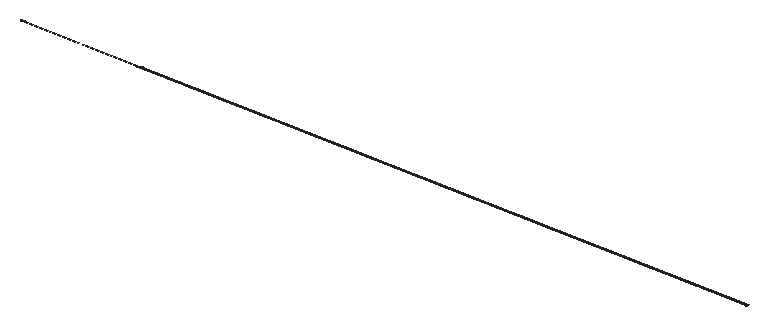
Revit family "0068176", category Lighting Fixtures, host Face, Revit 2017 (continued)
Forms (mm)
  Extrusion 145, solid
    sketch origin (1898.618, 0, 0) x (1, 0, 0) y (0, 1, 0)
      loop
        line (17.4, 1.5) -> (17.4, -1.5) -> (19.5, -1.5) -> (19.5, 1.5) -> (17.4, 1.5)
      loop
        line (34, 1.5) -> (34, -1.5) -> (36.1, -1.5) -> (36.1, 1.5) -> (34, 1.5)
      loop
        line (42.3, 1.5) -> (42.3, -1.5) -> (44.4, -1.5) -> (44.4, 1.5) -> (42.3, 1.5)
    from -1.2 to -0.5
  Extrusion 146, solid
    sketch origin (1948.582, 0, 0) x (1, 0, 0) y (0, 1, 0)
      loop
        line (9.1, 1.5) -> (9.1, -1.5) -> (11.2, -1.5) -> (11.2, 1.5) -> (9.1, 1.5)
      loop
        line (17.4, 1.5) -> (17.4, -1.5) -> (19.5, -1.5) -> (19.5, 1.5) -> (17.4, 1.5)
      loop
        line (34, 1.5) -> (34, -1.5) -> (36.1, -1.5) -> (36.1, 1.5) -> (34, 1.5)
      loop
        line (42.3, 1.5) -> (42.3, -1.5) -> (44.4, -1.5) -> (44.4, 1.5) -> (42.3, 1.5)
    from -1.2 to -0.5
  Extrusion 147, solid
    sketch origin (1998.545, 0, 0) x (1, 0, 0) y (0, 1, 0)
      loop
        line (9.1, 1.5) -> (9.1, -1.5) -> (11.2, -1.5) -> (11.2, 1.5) -> (9.1, 1.5)
      loop
        line (17.4, 1.5) -> (17.4, -1.5) -> (19.5, -1.5) -> (19.5, 1.5) -> (17.4, 1.5)
      loop
        line (34, 1.5) -> (34, -1.5) -> (36.1, -1.5) -> (36.1, 1.5) -> (34, 1.5)
      loop
        line (42.3, 1.5) -> (42.3, -1.5) -> (44.4, -1.5) -> (44.4, 1.5) -> (42.3, 1.5)
    from -1.2 to -0.5
  Extrusion 148, solid
    sketch origin (2048.509, 0, 0) x (1, 0, 0) y (0, 1, 0)
      loop
        line (9.1, 1.5) -> (9.1, -1.5) -> (11.2, -1.5) -> (11.2, 1.5) -> (9.1, 1.5)
      loop
        line (17.4, 1.5) -> (17.4, -1.5) -> (19.5, -1.5) -> (19.5, 1.5) -> (17.4, 1.5)
      loop
        line (34, 1.5) -> (34, -1.5) -> (36.1, -1.5) -> (36.1, 1.5) -> (34, 1.5)
      loop
        line (42.3, 1.5) -> (42.3, -1.5) -> (44.4, -1.5) -> (44.4, 1.5) -> (42.3, 1.5)
    from -1.2 to -0.5
  Extrusion 149, solid
    sketch origin (2098.473, 0, 0) x (1, 0, 0) y (0, 1, 0)
      loop
        line (9.1, 1.5) -> (9.1, -1.5) -> (11.2, -1.5) -> (11.2, 1.5) -> (9.1, 1.5)
      loop
        line (17.4, 1.5) -> (17.4, -1.5) -> (19.5, -1.5) -> (19.5, 1.5) -> (17.4, 1.5)
      loop
        line (34, 1.5) -> (34, -1.5) -> (36.1, -1.5) -> (36.1, 1.5) -> (34, 1.5)
      loop
        line (42.3, 1.5) -> (42.3, -1.5) -> (44.4, -1.5) -> (44.4, 1.5) -> (42.3, 1.5)
    from -1.2 to -0.5
  Extrusion 150, solid
    sketch origin (2148.436, 0, 0) x (1, 0, 0) y (0, 1, 0)
      loop
        line (9.1, 1.5) -> (9.1, -1.5) -> (11.2, -1.5) -> (11.2, 1.5) -> (9.1, 1.5)
      loop
        line (17.4, 1.5) -> (17.4, -1.5) -> (19.5, -1.5) -> (19.5, 1.5) -> (17.4, 1.5)
      loop
        line (34, 1.5) -> (34, -1.5) -> (36.1, -1.5) -> (36.1, 1.5) -> (34, 1.5)
      loop
        line (42.3, 1.5) -> (42.3, -1.5) -> (44.4, -1.5) -> (44.4, 1.5) -> (42.3, 1.5)
    from -1.2 to -0.5
  Extrusion 151, solid
    sketch origin (2198.4, 0, 0) x (1, 0, 0) y (0, 1, 0)
      loop
        line (9.1, 1.5) -> (9.1, -1.5) -> (11.2, -1.5) -> (11.2, 1.5) -> (9.1, 1.5)
      loop
        line (17.4, 1.5) -> (17.4, -1.5) -> (19.5, -1.5) -> (19.5, 1.5) -> (17.4, 1.5)
      loop
        line (34, 1.5) -> (34, -1.5) -> (36.1, -1.5) -> (36.1, 1.5) -> (34, 1.5)
      loop
        line (42.3, 1.5) -> (42.3, -1.5) -> (44.4, -1.5) -> (44.4, 1.5) -> (42.3, 1.5)
    from -1.2 to -0.5
  Extrusion 152, solid
    sketch origin (2248.364, 0, 0) x (1, 0, 0) y (0, 1, 0)
      loop
        line (9.1, 1.5) -> (9.1, -1.5) -> (11.2, -1.5) -> (11.2, 1.5) -> (9.1, 1.5)
      loop
        line (17.4, 1.5) -> (17.4, -1.5) -> (19.5, -1.5) -> (19.5, 1.5) -> (17.4, 1.5)
      loop
        line (34, 1.5) -> (34, -1.5) -> (36.1, -1.5) -> (36.1, 1.5) -> (34, 1.5)
      loop
        line (42.3, 1.5) -> (42.3, -1.5) -> (44.4, -1.5) -> (44.4, 1.5) -> (42.3, 1.5)
    from -1.2 to -0.5
  Extrusion 153, solid
    sketch origin (2298.327, 0, 0) x (1, 0, 0) y (0, 1, 0)
      loop
        line (9.1, 1.5) -> (9.1, -1.5) -> (11.2, -1.5) -> (11.2, 1.5) -> (9.1, 1.5)
      loop
        line (17.4, 1.5) -> (17.4, -1.5) -> (19.5, -1.5) -> (19.5, 1.5) -> (17.4, 1.5)
      loop
        line (34, 1.5) -> (34, -1.5) -> (36.1, -1.5) -> (36.1, 1.5) -> (34, 1.5)
      loop
        line (42.3, 1.5) -> (42.3, -1.5) -> (44.4, -1.5) -> (44.4, 1.5) -> (42.3, 1.5)
    from -1.2 to -0.5
  Extrusion 154, solid
    sketch origin (2348.291, 0, 0) x (1, 0, 0) y (0, 1, 0)
      loop
        line (9.1, 1.5) -> (9.1, -1.5) -> (11.2, -1.5) -> (11.2, 1.5) -> (9.1, 1.5)
      loop
        line (17.4, 1.5) -> (17.4, -1.5) -> (19.5, -1.5) -> (19.5, 1.5) -> (17.4, 1.5)
      loop
        line (34, 1.5) -> (34, -1.5) -> (36.1, -1.5) -> (36.1, 1.5) -> (34, 1.5)
      loop
        line (42.3, 1.5) -> (42.3, -1.5) -> (44.4, -1.5) -> (44.4, 1.5) -> (42.3, 1.5)
    from -1.2 to -0.5
  Extrusion 155, solid
    sketch origin (2398.255, 0, 0) x (1, 0, 0) y (0, 1, 0)
      loop
        line (9.1, 1.5) -> (9.1, -1.5) -> (11.2, -1.5) -> (11.2, 1.5) -> (9.1, 1.5)
      loop
        line (17.4, 1.5) -> (17.4, -1.5) -> (19.5, -1.5) -> (19.5, 1.5) -> (17.4, 1.5)
      loop
        line (34, 1.5) -> (34, -1.5) -> (36.1, -1.5) -> (36.1, 1.5) -> (34, 1.5)
      loop
        line (42.3, 1.5) -> (42.3, -1.5) -> (44.4, -1.5) -> (44.4, 1.5) -> (42.3, 1.5)
    from -1.2 to -0.5
  Extrusion 156, solid
    sketch origin (2448.218, 0, 0) x (1, 0, 0) y (0, 1, 0)
      loop
        line (9.1, 1.5) -> (9.1, -1.5) -> (11.2, -1.5) -> (11.2, 1.5) -> (9.1, 1.5)
      loop
        line (17.4, 1.5) -> (17.4, -1.5) -> (19.5, -1.5) -> (19.5, 1.5) -> (17.4, 1.5)
      loop
        line (34, 1.5) -> (34, -1.5) -> (36.1, -1.5) -> (36.1, 1.5) -> (34, 1.5)
      loop
        line (42.3, 1.5) -> (42.3, -1.5) -> (44.4, -1.5) -> (44.4, 1.5) -> (42.3, 1.5)
    from -1.2 to -0.5
  Extrusion 157, solid
    sketch origin (2498.182, 0, 0) x (1, 0, 0) y (0, 1, 0)
      loop
        line (9.1, 1.5) -> (9.1, -1.5) -> (11.2, -1.5) -> (11.2, 1.5) -> (9.1, 1.5)
      loop
        line (17.4, 1.5) -> (17.4, -1.5) -> (19.5, -1.5) -> (19.5, 1.5) -> (17.4, 1.5)
      loop
        line (34, 1.5) -> (34, -1.5) -> (36.1, -1.5) -> (36.1, 1.5) -> (34, 1.5)
      loop
        line (42.3, 1.5) -> (42.3, -1.5) -> (44.4, -1.5) -> (44.4, 1.5) -> (42.3, 1.5)
    from -1.2 to -0.5
  Extrusion 158, solid
    sketch origin (2548.145, 0, 0) x (1, 0, 0) y (0, 1, 0)
      loop
        line (9.1, 1.5) -> (9.1, -1.5) -> (11.2, -1.5) -> (11.2, 1.5) -> (9.1, 1.5)
      loop
        line (17.4, 1.5) -> (17.4, -1.5) -> (19.5, -1.5) -> (19.5, 1.5) -> (17.4, 1.5)
      loop
        line (34, 1.5) -> (34, -1.5) -> (36.1, -1.5) -> (36.1, 1.5) -> (34, 1.5)
      loop
        line (42.3, 1.5) -> (42.3, -1.5) -> (44.4, -1.5) -> (44.4, 1.5) -> (42.3, 1.5)
    from -1.2 to -0.5
  Extrusion 159, solid
    sketch origin (2598.109, 0, 0) x (1, 0, 0) y (0, 1, 0)
      loop
        line (9.1, 1.5) -> (9.1, -1.5) -> (11.2, -1.5) -> (11.2, 1.5) -> (9.1, 1.5)
      loop
        line (17.4, 1.5) -> (17.4, -1.5) -> (19.5, -1.5) -> (19.5, 1.5) -> (17.4, 1.5)
      loop
        line (34, 1.5) -> (34, -1.5) -> (36.1, -1.5) -> (36.1, 1.5) -> (34, 1.5)
      loop
        line (42.3, 1.5) -> (42.3, -1.5) -> (44.4, -1.5) -> (44.4, 1.5) -> (42.3, 1.5)
    from -1.2 to -0.5
  Extrusion 160, solid
    sketch origin (2648.073, 0, 0) x (1, 0, 0) y (0, 1, 0)
      loop
        line (9.1, 1.5) -> (9.1, -1.5) -> (11.2, -1.5) -> (11.2, 1.5) -> (9.1, 1.5)
      loop
        line (17.4, 1.5) -> (17.4, -1.5) -> (19.5, -1.5) -> (19.5, 1.5) -> (17.4, 1.5)
      loop
        line (34, 1.5) -> (34, -1.5) -> (36.1, -1.5) -> (36.1, 1.5) -> (34, 1.5)
      loop
        line (42.3, 1.5) -> (42.3, -1.5) -> (44.4, -1.5) -> (44.4, 1.5) -> (42.3, 1.5)
    from -1.2 to -0.5
  Extrusion 161, solid
    sketch origin (2698.036, 0, 0) x (1, 0, 0) y (0, 1, 0)
      loop
        line (9.1, 1.5) -> (9.1, -1.5) -> (11.2, -1.5) -> (11.2, 1.5) -> (9.1, 1.5)
      loop
        line (17.4, 1.5) -> (17.4, -1.5) -> (19.5, -1.5) -> (19.5, 1.5) -> (17.4, 1.5)
      loop
        line (34, 1.5) -> (34, -1.5) -> (36.1, -1.5) -> (36.1, 1.5) -> (34, 1.5)
      loop
        line (42.3, 1.5) -> (42.3, -1.5) -> (44.4, -1.5) -> (44.4, 1.5) -> (42.3, 1.5)
    from -1.2 to -0.5
  Extrusion 162, solid
    sketch origin (2748, 0, 0) x (1, 0, 0) y (0, 1, 0)
      loop
        line (9.1, 1.5) -> (9.1, -1.5) -> (11.2, -1.5) -> (11.2, 1.5) -> (9.1, 1.5)
      loop
        line (17.4, 1.5) -> (17.4, -1.5) -> (19.5, -1.5) -> (19.5, 1.5) -> (17.4, 1.5)
      loop
        line (34, 1.5) -> (34, -1.5) -> (36.1, -1.5) -> (36.1, 1.5) -> (34, 1.5)
      loop
        line (42.3, 1.5) -> (42.3, -1.5) -> (44.4, -1.5) -> (44.4, 1.5) -> (42.3, 1.5)
    from -1.2 to -0.5
  Extrusion 163, solid
    sketch origin (2797.964, 0, 0) x (1, 0, 0) y (0, 1, 0)
      loop
        line (9.1, 1.5) -> (9.1, -1.5) -> (11.2, -1.5) -> (11.2, 1.5) -> (9.1, 1.5)
      loop
        line (17.4, 1.5) -> (17.4, -1.5) -> (19.5, -1.5) -> (19.5, 1.5) -> (17.4, 1.5)
      loop
        line (34, 1.5) -> (34, -1.5) -> (36.1, -1.5) -> (36.1, 1.5) -> (34, 1.5)
      loop
        line (42.3, 1.5) -> (42.3, -1.5) -> (44.4, -1.5) -> (44.4, 1.5) -> (42.3, 1.5)
    from -1.2 to -0.5
  Extrusion 164, solid
    sketch origin (2847.927, 0, 0) x (1, 0, 0) y (0, 1, 0)
      loop
        line (9.1, 1.5) -> (9.1, -1.5) -> (11.2, -1.5) -> (11.2, 1.5) -> (9.1, 1.5)
      loop
        line (17.4, 1.5) -> (17.4, -1.5) -> (19.5, -1.5) -> (19.5, 1.5) -> (17.4, 1.5)
      loop
        line (34, 1.5) -> (34, -1.5) -> (36.1, -1.5) -> (36.1, 1.5) -> (34, 1.5)
      loop
        line (42.3, 1.5) -> (42.3, -1.5) -> (44.4, -1.5) -> (44.4, 1.5) -> (42.3, 1.5)
    from -1.2 to -0.5
  Extrusion 165, solid
    sketch origin (2897.891, 0, 0) x (1, 0, 0) y (0, 1, 0)
      loop
        line (9.1, 1.5) -> (9.1, -1.5) -> (11.2, -1.5) -> (11.2, 1.5) -> (9.1, 1.5)
      loop
        line (17.4, 1.5) -> (17.4, -1.5) -> (19.5, -1.5) -> (19.5, 1.5) -> (17.4, 1.5)
      loop
        line (34, 1.5) -> (34, -1.5) -> (36.1, -1.5) -> (36.1, 1.5) -> (34, 1.5)
      loop
        line (42.3, 1.5) -> (42.3, -1.5) -> (44.4, -1.5) -> (44.4, 1.5) -> (42.3, 1.5)
    from -1.2 to -0.5
  Extrusion 166, solid
    sketch origin (2947.855, 0, 0) x (1, 0, 0) y (0, 1, 0)
      loop
        line (9.1, 1.5) -> (9.1, -1.5) -> (11.2, -1.5) -> (11.2, 1.5) -> (9.1, 1.5)
      loop
        line (17.4, 1.5) -> (17.4, -1.5) -> (19.5, -1.5) -> (19.5, 1.5) -> (17.4, 1.5)
      loop
        line (34, 1.5) -> (34, -1.5) -> (36.1, -1.5) -> (36.1, 1.5) -> (34, 1.5)
      loop
        line (42.3, 1.5) -> (42.3, -1.5) -> (44.4, -1.5) -> (44.4, 1.5) -> (42.3, 1.5)
    from -1.2 to -0.5
  Extrusion 167, solid
    sketch origin (2997.818, 0, 0) x (1, 0, 0) y (0, 1, 0)
      loop
        line (9.1, 1.5) -> (9.1, -1.5) -> (11.2, -1.5) -> (11.2, 1.5) -> (9.1, 1.5)
      loop
        line (17.4, 1.5) -> (17.4, -1.5) -> (19.5, -1.5) -> (19.5, 1.5) -> (17.4, 1.5)
      loop
        line (34, 1.5) -> (34, -1.5) -> (36.1, -1.5) -> (36.1, 1.5) -> (34, 1.5)
      loop
        line (42.3, 1.5) -> (42.3, -1.5) -> (44.4, -1.5) -> (44.4, 1.5) -> (42.3, 1.5)
    from -1.2 to -0.5
  Extrusion 168, solid
    sketch origin (3047.782, 0, 0) x (1, 0, 0) y (0, 1, 0)
      loop
        line (9.1, 1.5) -> (9.1, -1.5) -> (11.2, -1.5) -> (11.2, 1.5) -> (9.1, 1.5)
      loop
        line (17.4, 1.5) -> (17.4, -1.5) -> (19.5, -1.5) -> (19.5, 1.5) -> (17.4, 1.5)
      loop
        line (34, 1.5) -> (34, -1.5) -> (36.1, -1.5) -> (36.1, 1.5) -> (34, 1.5)
      loop
        line (42.3, 1.5) -> (42.3, -1.5) -> (44.4, -1.5) -> (44.4, 1.5) -> (42.3, 1.5)
    from -1.2 to -0.5
  Extrusion 169, solid
    sketch origin (3097.745, 0, 0) x (1, 0, 0) y (0, 1, 0)
      loop
        line (9.1, 1.5) -> (9.1, -1.5) -> (11.2, -1.5) -> (11.2, 1.5) -> (9.1, 1.5)
      loop
        line (17.4, 1.5) -> (17.4, -1.5) -> (19.5, -1.5) -> (19.5, 1.5) -> (17.4, 1.5)
      loop
        line (34, 1.5) -> (34, -1.5) -> (36.1, -1.5) -> (36.1, 1.5) -> (34, 1.5)
      loop
        line (42.3, 1.5) -> (42.3, -1.5) -> (44.4, -1.5) -> (44.4, 1.5) -> (42.3, 1.5)
    from -1.2 to -0.5
  Extrusion 170, solid
    sketch origin (3147.709, 0, 0) x (1, 0, 0) y (0, 1, 0)
      loop
        line (9.1, 1.5) -> (9.1, -1.5) -> (11.2, -1.5) -> (11.2, 1.5) -> (9.1, 1.5)
      loop
        line (17.4, 1.5) -> (17.4, -1.5) -> (19.5, -1.5) -> (19.5, 1.5) -> (17.4, 1.5)
      loop
        line (34, 1.5) -> (34, -1.5) -> (36.1, -1.5) -> (36.1, 1.5) -> (34, 1.5)
      loop
        line (42.3, 1.5) -> (42.3, -1.5) -> (44.4, -1.5) -> (44.4, 1.5) -> (42.3, 1.5)
    from -1.2 to -0.5
  Extrusion 171, solid
    sketch origin (3197.673, 0, 0) x (1, 0, 0) y (0, 1, 0)
      loop
        line (9.1, 1.5) -> (9.1, -1.5) -> (11.2, -1.5) -> (11.2, 1.5) -> (9.1, 1.5)
      loop
        line (17.4, 1.5) -> (17.4, -1.5) -> (19.5, -1.5) -> (19.5, 1.5) -> (17.4, 1.5)
      loop
        line (34, 1.5) -> (34, -1.5) -> (36.1, -1.5) -> (36.1, 1.5) -> (34, 1.5)
      loop
        line (42.3, 1.5) -> (42.3, -1.5) -> (44.4, -1.5) -> (44.4, 1.5) -> (42.3, 1.5)
    from -1.2 to -0.5
  Extrusion 172, solid
    sketch origin (3247.636, 0, 0) x (1, 0, 0) y (0, 1, 0)
      loop
        line (9.1, 1.5) -> (9.1, -1.5) -> (11.2, -1.5) -> (11.2, 1.5) -> (9.1, 1.5)
      loop
        line (17.4, 1.5) -> (17.4, -1.5) -> (19.5, -1.5) -> (19.5, 1.5) -> (17.4, 1.5)
      loop
        line (34, 1.5) -> (34, -1.5) -> (36.1, -1.5) -> (36.1, 1.5) -> (34, 1.5)
      loop
        line (42.3, 1.5) -> (42.3, -1.5) -> (44.4, -1.5) -> (44.4, 1.5) -> (42.3, 1.5)
    from -1.2 to -0.5
  Extrusion 173, solid
    sketch origin (3297.6, 0, 0) x (1, 0, 0) y (0, 1, 0)
      loop
        line (9.1, 1.5) -> (9.1, -1.5) -> (11.2, -1.5) -> (11.2, 1.5) -> (9.1, 1.5)
      loop
        line (17.4, 1.5) -> (17.4, -1.5) -> (19.5, -1.5) -> (19.5, 1.5) -> (17.4, 1.5)
      loop
        line (34, 1.5) -> (34, -1.5) -> (36.1, -1.5) -> (36.1, 1.5) -> (34, 1.5)
      loop
        line (42.3, 1.5) -> (42.3, -1.5) -> (44.4, -1.5) -> (44.4, 1.5) -> (42.3, 1.5)
    from -1.2 to -0.5
  Extrusion 174, solid
    sketch origin (3347.564, 0, 0) x (1, 0, 0) y (0, 1, 0)
      loop
        line (9.1, 1.5) -> (9.1, -1.5) -> (11.2, -1.5) -> (11.2, 1.5) -> (9.1, 1.5)
      loop
        line (17.4, 1.5) -> (17.4, -1.5) -> (19.5, -1.5) -> (19.5, 1.5) -> (17.4, 1.5)
      loop
        line (34, 1.5) -> (34, -1.5) -> (36.1, -1.5) -> (36.1, 1.5) -> (34, 1.5)
      loop
        line (42.3, 1.5) -> (42.3, -1.5) -> (44.4, -1.5) -> (44.4, 1.5) -> (42.3, 1.5)
    from -1.2 to -0.5
  Extrusion 175, solid
    sketch origin (3397.527, 0, 0) x (1, 0, 0) y (0, 1, 0)
      loop
        line (9.1, 1.5) -> (9.1, -1.5) -> (11.2, -1.5) -> (11.2, 1.5) -> (9.1, 1.5)
      loop
        line (17.4, 1.5) -> (17.4, -1.5) -> (19.5, -1.5) -> (19.5, 1.5) -> (17.4, 1.5)
      loop
        line (34, 1.5) -> (34, -1.5) -> (36.1, -1.5) -> (36.1, 1.5) -> (34, 1.5)
      loop
        line (42.3, 1.5) -> (42.3, -1.5) -> (44.4, -1.5) -> (44.4, 1.5) -> (42.3, 1.5)
    from -1.2 to -0.5
  Extrusion 176, solid
    sketch origin (3447.491, 0, 0) x (1, 0, 0) y (0, 1, 0)
      loop
        line (9.1, 1.5) -> (9.1, -1.5) -> (11.2, -1.5) -> (11.2, 1.5) -> (9.1, 1.5)
      loop
        line (17.4, 1.5) -> (17.4, -1.5) -> (19.5, -1.5) -> (19.5, 1.5) -> (17.4, 1.5)
      loop
        line (34, 1.5) -> (34, -1.5) -> (36.1, -1.5) -> (36.1, 1.5) -> (34, 1.5)
      loop
        line (42.3, 1.5) -> (42.3, -1.5) -> (44.4, -1.5) -> (44.4, 1.5) -> (42.3, 1.5)
    from -1.2 to -0.5
  Extrusion 177, solid
    sketch origin (3497.455, 0, 0) x (1, 0, 0) y (0, 1, 0)
      loop
        line (9.1, 1.5) -> (9.1, -1.5) -> (11.2, -1.5) -> (11.2, 1.5) -> (9.1, 1.5)
      loop
        line (17.4, 1.5) -> (17.4, -1.5) -> (19.5, -1.5) -> (19.5, 1.5) -> (17.4, 1.5)
      loop
        line (34, 1.5) -> (34, -1.5) -> (36.1, -1.5) -> (36.1, 1.5) -> (34, 1.5)
      loop
        line (42.3, 1.5) -> (42.3, -1.5) -> (44.4, -1.5) -> (44.4, 1.5) -> (42.3, 1.5)
    from -1.2 to -0.5
  Extrusion 178, solid
    sketch origin (3547.418, 0, 0) x (1, 0, 0) y (0, 1, 0)
      loop
        line (9.1, 1.5) -> (9.1, -1.5) -> (11.2, -1.5) -> (11.2, 1.5) -> (9.1, 1.5)
      loop
        line (17.4, 1.5) -> (17.4, -1.5) -> (19.5, -1.5) -> (19.5, 1.5) -> (17.4, 1.5)
      loop
        line (34, 1.5) -> (34, -1.5) -> (36.1, -1.5) -> (36.1, 1.5) -> (34, 1.5)
      loop
        line (42.3, 1.5) -> (42.3, -1.5) -> (44.4, -1.5) -> (44.4, 1.5) -> (42.3, 1.5)
    from -1.2 to -0.5
  Extrusion 179, solid
    sketch origin (3597.382, 0, 0) x (1, 0, 0) y (0, 1, 0)
      loop
        line (9.1, 1.5) -> (9.1, -1.5) -> (11.2, -1.5) -> (11.2, 1.5) -> (9.1, 1.5)
      loop
        line (17.4, 1.5) -> (17.4, -1.5) -> (19.5, -1.5) -> (19.5, 1.5) -> (17.4, 1.5)
      loop
        line (34, 1.5) -> (34, -1.5) -> (36.1, -1.5) -> (36.1, 1.5) -> (34, 1.5)
      loop
        line (42.3, 1.5) -> (42.3, -1.5) -> (44.4, -1.5) -> (44.4, 1.5) -> (42.3, 1.5)
    from -1.2 to -0.5
  Extrusion 180, solid
    sketch origin (3647.345, 0, 0) x (1, 0, 0) y (0, 1, 0)
      loop
        line (9.1, 1.5) -> (9.1, -1.5) -> (11.2, -1.5) -> (11.2, 1.5) -> (9.1, 1.5)
      loop
        line (17.4, 1.5) -> (17.4, -1.5) -> (19.5, -1.5) -> (19.5, 1.5) -> (17.4, 1.5)
      loop
        line (34, 1.5) -> (34, -1.5) -> (36.1, -1.5) -> (36.1, 1.5) -> (34, 1.5)
      loop
        line (42.3, 1.5) -> (42.3, -1.5) -> (44.4, -1.5) -> (44.4, 1.5) -> (42.3, 1.5)
    from -1.2 to -0.5
  Extrusion 181, solid
    sketch origin (3697.309, 0, 0) x (1, 0, 0) y (0, 1, 0)
      loop
        line (9.1, 1.5) -> (9.1, -1.5) -> (11.2, -1.5) -> (11.2, 1.5) -> (9.1, 1.5)
      loop
        line (17.4, 1.5) -> (17.4, -1.5) -> (19.5, -1.5) -> (19.5, 1.5) -> (17.4, 1.5)
      loop
        line (34, 1.5) -> (34, -1.5) -> (36.1, -1.5) -> (36.1, 1.5) -> (34, 1.5)
      loop
        line (42.3, 1.5) -> (42.3, -1.5) -> (44.4, -1.5) -> (44.4, 1.5) -> (42.3, 1.5)
    from -1.2 to -0.5
  Extrusion 182, solid
    sketch origin (3747.273, 0, 0) x (1, 0, 0) y (0, 1, 0)
      loop
        line (9.1, 1.5) -> (9.1, -1.5) -> (11.2, -1.5) -> (11.2, 1.5) -> (9.1, 1.5)
      loop
        line (17.4, 1.5) -> (17.4, -1.5) -> (19.5, -1.5) -> (19.5, 1.5) -> (17.4, 1.5)
      loop
        line (34, 1.5) -> (34, -1.5) -> (36.1, -1.5) -> (36.1, 1.5) -> (34, 1.5)
      loop
        line (42.3, 1.5) -> (42.3, -1.5) -> (44.4, -1.5) -> (44.4, 1.5) -> (42.3, 1.5)
    from -1.2 to -0.5
  Extrusion 183, solid
    sketch origin (3797.236, 0, 0) x (1, 0, 0) y (0, 1, 0)
      loop
        line (9.1, 1.5) -> (9.1, -1.5) -> (11.2, -1.5) -> (11.2, 1.5) -> (9.1, 1.5)
      loop
        line (17.4, 1.5) -> (17.4, -1.5) -> (19.5, -1.5) -> (19.5, 1.5) -> (17.4, 1.5)
      loop
        line (34, 1.5) -> (34, -1.5) -> (36.1, -1.5) -> (36.1, 1.5) -> (34, 1.5)
      loop
        line (42.3, 1.5) -> (42.3, -1.5) -> (44.4, -1.5) -> (44.4, 1.5) -> (42.3, 1.5)
    from -1.2 to -0.5
  Extrusion 184, solid
    sketch origin (3847.2, 0, 0) x (1, 0, 0) y (0, 1, 0)
      loop
        line (9.1, 1.5) -> (9.1, -1.5) -> (11.2, -1.5) -> (11.2, 1.5) -> (9.1, 1.5)
      loop
        line (17.4, 1.5) -> (17.4, -1.5) -> (19.5, -1.5) -> (19.5, 1.5) -> (17.4, 1.5)
      loop
        line (34, 1.5) -> (34, -1.5) -> (36.1, -1.5) -> (36.1, 1.5) -> (34, 1.5)
      loop
        line (42.3, 1.5) -> (42.3, -1.5) -> (44.4, -1.5) -> (44.4, 1.5) -> (42.3, 1.5)
    from -1.2 to -0.5
  Extrusion 185, solid
    sketch origin (3897.164, 0, 0) x (1, 0, 0) y (0, 1, 0)
      loop
        line (9.1, 1.5) -> (9.1, -1.5) -> (11.2, -1.5) -> (11.2, 1.5) -> (9.1, 1.5)
      loop
        line (17.4, 1.5) -> (17.4, -1.5) -> (19.5, -1.5) -> (19.5, 1.5) -> (17.4, 1.5)
      loop
        line (34, 1.5) -> (34, -1.5) -> (36.1, -1.5) -> (36.1, 1.5) -> (34, 1.5)
      loop
        line (42.3, 1.5) -> (42.3, -1.5) -> (44.4, -1.5) -> (44.4, 1.5) -> (42.3, 1.5)
    from -1.2 to -0.5
  Extrusion 186, solid
    sketch origin (3947.127, 0, 0) x (1, 0, 0) y (0, 1, 0)
      loop
        line (9.1, 1.5) -> (9.1, -1.5) -> (11.2, -1.5) -> (11.2, 1.5) -> (9.1, 1.5)
      loop
        line (17.4, 1.5) -> (17.4, -1.5) -> (19.5, -1.5) -> (19.5, 1.5) -> (17.4, 1.5)
      loop
        line (34, 1.5) -> (34, -1.5) -> (36.1, -1.5) -> (36.1, 1.5) -> (34, 1.5)
      loop
        line (42.3, 1.5) -> (42.3, -1.5) -> (44.4, -1.5) -> (44.4, 1.5) -> (42.3, 1.5)
    from -1.2 to -0.5
  Extrusion 187, solid
    sketch origin (3997.091, 0, 0) x (1, 0, 0) y (0, 1, 0)
      loop
        line (9.1, 1.5) -> (9.1, -1.5) -> (11.2, -1.5) -> (11.2, 1.5) -> (9.1, 1.5)
      loop
        line (17.4, 1.5) -> (17.4, -1.5) -> (19.5, -1.5) -> (19.5, 1.5) -> (17.4, 1.5)
      loop
        line (34, 1.5) -> (34, -1.5) -> (36.1, -1.5) -> (36.1, 1.5) -> (34, 1.5)
      loop
        line (42.3, 1.5) -> (42.3, -1.5) -> (44.4, -1.5) -> (44.4, 1.5) -> (42.3, 1.5)
    from -1.2 to -0.5
  Extrusion 188, solid
    sketch origin (4047.055, 0, 0) x (1, 0, 0) y (0, 1, 0)
      loop
        line (9.1, 1.5) -> (9.1, -1.5) -> (11.2, -1.5) -> (11.2, 1.5) -> (9.1, 1.5)
      loop
        line (17.4, 1.5) -> (17.4, -1.5) -> (19.5, -1.5) -> (19.5, 1.5) -> (17.4, 1.5)
      loop
        line (34, 1.5) -> (34, -1.5) -> (36.1, -1.5) -> (36.1, 1.5) -> (34, 1.5)
      loop
        line (42.3, 1.5) -> (42.3, -1.5) -> (44.4, -1.5) -> (44.4, 1.5) -> (42.3, 1.5)
    from -1.2 to -0.5
  Extrusion 189, solid
    sketch origin (4097.018, 0, 0) x (1, 0, 0) y (0, 1, 0)
      loop
        line (9.1, 1.5) -> (9.1, -1.5) -> (11.2, -1.5) -> (11.2, 1.5) -> (9.1, 1.5)
      loop
        line (17.4, 1.5) -> (17.4, -1.5) -> (19.5, -1.5) -> (19.5, 1.5) -> (17.4, 1.5)
      loop
        line (34, 1.5) -> (34, -1.5) -> (36.1, -1.5) -> (36.1, 1.5) -> (34, 1.5)
      loop
        line (42.3, 1.5) -> (42.3, -1.5) -> (44.4, -1.5) -> (44.4, 1.5) -> (42.3, 1.5)
    from -1.2 to -0.5
  Extrusion 190, solid
    sketch origin (4146.982, 0, 0) x (1, 0, 0) y (0, 1, 0)
      loop
        line (9.1, 1.5) -> (9.1, -1.5) -> (11.2, -1.5) -> (11.2, 1.5) -> (9.1, 1.5)
      loop
        line (17.4, 1.5) -> (17.4, -1.5) -> (19.5, -1.5) -> (19.5, 1.5) -> (17.4, 1.5)
      loop
        line (34, 1.5) -> (34, -1.5) -> (36.1, -1.5) -> (36.1, 1.5) -> (34, 1.5)
      loop
        line (42.3, 1.5) -> (42.3, -1.5) -> (44.4, -1.5) -> (44.4, 1.5) -> (42.3, 1.5)
    from -1.2 to -0.5
  Extrusion 191, solid
    sketch origin (4196.945, 0, 0) x (1, 0, 0) y (0, 1, 0)
      loop
        line (9.1, 1.5) -> (9.1, -1.5) -> (11.2, -1.5) -> (11.2, 1.5) -> (9.1, 1.5)
      loop
        line (17.4, 1.5) -> (17.4, -1.5) -> (19.5, -1.5) -> (19.5, 1.5) -> (17.4, 1.5)
      loop
        line (34, 1.5) -> (34, -1.5) -> (36.1, -1.5) -> (36.1, 1.5) -> (34, 1.5)
      loop
        line (42.3, 1.5) -> (42.3, -1.5) -> (44.4, -1.5) -> (44.4, 1.5) -> (42.3, 1.5)
    from -1.2 to -0.5
  Extrusion 192, solid
    sketch origin (4246.909, 0, 0) x (1, 0, 0) y (0, 1, 0)
      loop
        line (9.1, 1.5) -> (9.1, -1.5) -> (11.2, -1.5) -> (11.2, 1.5) -> (9.1, 1.5)
      loop
        line (17.4, 1.5) -> (17.4, -1.5) -> (19.5, -1.5) -> (19.5, 1.5) -> (17.4, 1.5)
      loop
        line (34, 1.5) -> (34, -1.5) -> (36.1, -1.5) -> (36.1, 1.5) -> (34, 1.5)
      loop
        line (42.3, 1.5) -> (42.3, -1.5) -> (44.4, -1.5) -> (44.4, 1.5) -> (42.3, 1.5)
    from -1.2 to -0.5
  Extrusion 193, solid
    sketch origin (4296.873, 0, 0) x (1, 0, 0) y (0, 1, 0)
      loop
        line (9.1, 1.5) -> (9.1, -1.5) -> (11.2, -1.5) -> (11.2, 1.5) -> (9.1, 1.5)
      loop
        line (17.4, 1.5) -> (17.4, -1.5) -> (19.5, -1.5) -> (19.5, 1.5) -> (17.4, 1.5)
      loop
        line (34, 1.5) -> (34, -1.5) -> (36.1, -1.5) -> (36.1, 1.5) -> (34, 1.5)
      loop
        line (42.3, 1.5) -> (42.3, -1.5) -> (44.4, -1.5) -> (44.4, 1.5) -> (42.3, 1.5)
    from -1.2 to -0.5
  Extrusion 194, solid
    sketch origin (4346.836, 0, 0) x (1, 0, 0) y (0, 1, 0)
      loop
        line (9.1, 1.5) -> (9.1, -1.5) -> (11.2, -1.5) -> (11.2, 1.5) -> (9.1, 1.5)
      loop
        line (17.4, 1.5) -> (17.4, -1.5) -> (19.5, -1.5) -> (19.5, 1.5) -> (17.4, 1.5)
      loop
        line (34, 1.5) -> (34, -1.5) -> (36.1, -1.5) -> (36.1, 1.5) -> (34, 1.5)
      loop
        line (42.3, 1.5) -> (42.3, -1.5) -> (44.4, -1.5) -> (44.4, 1.5) -> (42.3, 1.5)
    from -1.2 to -0.5
  Extrusion 195, solid
    sketch origin (4396.8, 0, 0) x (1, 0, 0) y (0, 1, 0)
      loop
        line (9.1, 1.5) -> (9.1, -1.5) -> (11.2, -1.5) -> (11.2, 1.5) -> (9.1, 1.5)
      loop
        line (17.4, 1.5) -> (17.4, -1.5) -> (19.5, -1.5) -> (19.5, 1.5) -> (17.4, 1.5)
      loop
        line (34, 1.5) -> (34, -1.5) -> (36.1, -1.5) -> (36.1, 1.5) -> (34, 1.5)
      loop
        line (42.3, 1.5) -> (42.3, -1.5) -> (44.4, -1.5) -> (44.4, 1.5) -> (42.3, 1.5)
    from -1.2 to -0.5
  Extrusion 196, solid
    sketch origin (4446.764, 0, 0) x (1, 0, 0) y (0, 1, 0)
      loop
        line (9.1, 1.5) -> (9.1, -1.5) -> (11.2, -1.5) -> (11.2, 1.5) -> (9.1, 1.5)
      loop
        line (17.4, 1.5) -> (17.4, -1.5) -> (19.5, -1.5) -> (19.5, 1.5) -> (17.4, 1.5)
      loop
        line (34, 1.5) -> (34, -1.5) -> (36.1, -1.5) -> (36.1, 1.5) -> (34, 1.5)
      loop
        line (42.3, 1.5) -> (42.3, -1.5) -> (44.4, -1.5) -> (44.4, 1.5) -> (42.3, 1.5)
    from -1.2 to -0.5
  Extrusion 197, solid
    sketch origin (4496.727, 0, 0) x (1, 0, 0) y (0, 1, 0)
      loop
        line (9.1, 1.5) -> (9.1, -1.5) -> (11.2, -1.5) -> (11.2, 1.5) -> (9.1, 1.5)
      loop
        line (17.4, 1.5) -> (17.4, -1.5) -> (19.5, -1.5) -> (19.5, 1.5) -> (17.4, 1.5)
      loop
        line (34, 1.5) -> (34, -1.5) -> (36.1, -1.5) -> (36.1, 1.5) -> (34, 1.5)
      loop
        line (42.3, 1.5) -> (42.3, -1.5) -> (44.4, -1.5) -> (44.4, 1.5) -> (42.3, 1.5)
    from -1.2 to -0.5
  Extrusion 198, solid
    sketch origin (4546.691, 0, 0) x (1, 0, 0) y (0, 1, 0)
      loop
        line (9.1, 1.5) -> (9.1, -1.5) -> (11.2, -1.5) -> (11.2, 1.5) -> (9.1, 1.5)
      loop
        line (17.4, 1.5) -> (17.4, -1.5) -> (19.5, -1.5) -> (19.5, 1.5) -> (17.4, 1.5)
      loop
        line (34, 1.5) -> (34, -1.5) -> (36.1, -1.5) -> (36.1, 1.5) -> (34, 1.5)
      loop
        line (42.3, 1.5) -> (42.3, -1.5) -> (44.4, -1.5) -> (44.4, 1.5) -> (42.3, 1.5)
    from -1.2 to -0.5
  Extrusion 199, solid
    sketch origin (4596.655, 0, 0) x (1, 0, 0) y (0, 1, 0)
      loop
        line (9.1, 1.5) -> (9.1, -1.5) -> (11.2, -1.5) -> (11.2, 1.5) -> (9.1, 1.5)
      loop
        line (17.4, 1.5) -> (17.4, -1.5) -> (19.5, -1.5) -> (19.5, 1.5) -> (17.4, 1.5)
      loop
        line (34, 1.5) -> (34, -1.5) -> (36.1, -1.5) -> (36.1, 1.5) -> (34, 1.5)
      loop
        line (42.3, 1.5) -> (42.3, -1.5) -> (44.4, -1.5) -> (44.4, 1.5) -> (42.3, 1.5)
    from -1.2 to -0.5
  Extrusion 200, solid
    sketch origin (4646.618, 0, 0) x (1, 0, 0) y (0, 1, 0)
      loop
        line (9.1, 1.5) -> (9.1, -1.5) -> (11.2, -1.5) -> (11.2, 1.5) -> (9.1, 1.5)
      loop
        line (17.4, 1.5) -> (17.4, -1.5) -> (19.5, -1.5) -> (19.5, 1.5) -> (17.4, 1.5)
      loop
        line (34, 1.5) -> (34, -1.5) -> (36.1, -1.5) -> (36.1, 1.5) -> (34, 1.5)
      loop
        line (42.3, 1.5) -> (42.3, -1.5) -> (44.4, -1.5) -> (44.4, 1.5) -> (42.3, 1.5)
    from -1.2 to -0.5
  Extrusion 201, solid
    sketch origin (4696.582, 0, 0) x (1, 0, 0) y (0, 1, 0)
      loop
        line (9.1, 1.5) -> (9.1, -1.5) -> (11.2, -1.5) -> (11.2, 1.5) -> (9.1, 1.5)
      loop
        line (17.4, 1.5) -> (17.4, -1.5) -> (19.5, -1.5) -> (19.5, 1.5) -> (17.4, 1.5)
      loop
        line (34, 1.5) -> (34, -1.5) -> (36.1, -1.5) -> (36.1, 1.5) -> (34, 1.5)
      loop
        line (42.3, 1.5) -> (42.3, -1.5) -> (44.4, -1.5) -> (44.4, 1.5) -> (42.3, 1.5)
    from -1.2 to -0.5
  Extrusion 202, solid
    sketch origin (4746.545, 0, 0) x (1, 0, 0) y (0, 1, 0)
      loop
        line (9.1, 1.5) -> (9.1, -1.5) -> (11.2, -1.5) -> (11.2, 1.5) -> (9.1, 1.5)
      loop
        line (17.4, 1.5) -> (17.4, -1.5) -> (19.5, -1.5) -> (19.5, 1.5) -> (17.4, 1.5)
      loop
        line (34, 1.5) -> (34, -1.5) -> (36.1, -1.5) -> (36.1, 1.5) -> (34, 1.5)
      loop
        line (42.3, 1.5) -> (42.3, -1.5) -> (44.4, -1.5) -> (44.4, 1.5) -> (42.3, 1.5)
    from -1.2 to -0.5
  Extrusion 203, solid
    sketch origin (4796.509, 0, 0) x (1, 0, 0) y (0, 1, 0)
      loop
        line (9.1, 1.5) -> (9.1, -1.5) -> (11.2, -1.5) -> (11.2, 1.5) -> (9.1, 1.5)
      loop
        line (17.4, 1.5) -> (17.4, -1.5) -> (19.5, -1.5) -> (19.5, 1.5) -> (17.4, 1.5)
      loop
        line (34, 1.5) -> (34, -1.5) -> (36.1, -1.5) -> (36.1, 1.5) -> (34, 1.5)
      loop
        line (42.3, 1.5) -> (42.3, -1.5) -> (44.4, -1.5) -> (44.4, 1.5) -> (42.3, 1.5)
    from -1.2 to -0.5
  Extrusion 204, solid
    sketch origin (4846.473, 0, 0) x (1, 0, 0) y (0, 1, 0)
      loop
        line (9.1, 1.5) -> (9.1, -1.5) -> (11.2, -1.5) -> (11.2, 1.5) -> (9.1, 1.5)
      loop
        line (17.4, 1.5) -> (17.4, -1.5) -> (19.5, -1.5) -> (19.5, 1.5) -> (17.4, 1.5)
      loop
        line (34, 1.5) -> (34, -1.5) -> (36.1, -1.5) -> (36.1, 1.5) -> (34, 1.5)
      loop
        line (42.3, 1.5) -> (42.3, -1.5) -> (44.4, -1.5) -> (44.4, 1.5) -> (42.3, 1.5)
    from -1.2 to -0.5
  Extrusion 205, solid
    sketch origin (4896.436, 0, 0) x (1, 0, 0) y (0, 1, 0)
      loop
        line (9.1, 1.5) -> (9.1, -1.5) -> (11.2, -1.5) -> (11.2, 1.5) -> (9.1, 1.5)
      loop
        line (17.4, 1.5) -> (17.4, -1.5) -> (19.5, -1.5) -> (19.5, 1.5) -> (17.4, 1.5)
      loop
        line (34, 1.5) -> (34, -1.5) -> (36.1, -1.5) -> (36.1, 1.5) -> (34, 1.5)
      loop
        line (42.3, 1.5) -> (42.3, -1.5) -> (44.4, -1.5) -> (44.4, 1.5) -> (42.3, 1.5)
    from -1.2 to -0.5
Dimensions and locks
  "CABLE_LENGHT_SYL": plane 8 to plane 3 "Center (Left/Right)"
  "CABLE_FIX_SYL": plane 3 "Center (Left/Right)" to plane 7
  "LUM_WIDTH_SYL": plane 6 to plane 1 "Center (Front/Back)" to plane 5
  "CABLE_BLEND_SYL": plane 9 to plane 3 "Center (Left/Right)"
  "CABLE_END_SYL": plane 8 to plane 10
  "LUM_LENGHT_SYL": plane 3 "Center (Left/Right)" to plane 4
  "CABLE_DIST_SYL": plane 12 to plane 1 "Center (Front/Back)" to plane 11
  "CABLE_DIST2_SYL": plane 13 to plane 5
  "CABLE_DIST2_SYL": plane 6 to plane 14
  "LED_CH_S_WIDTH_SYL": plane 18 to plane 1 "Center (Front/Back)" to plane 17
  "LED_CH_L_WIDTH_SYL": plane 16 to plane 1 "Center (Front/Back)" to plane 15
  "PHOTOMETRY1_SYL": imposter light to plane 4
  "PHOTOMETRY2_SYL": imposter light to Extrusion 1
  "LED_CH_L_DIST1_SYL": plane 3 "Center (Left/Right)" to plane 19
  "LED_CH_L_DIST_SYL": plane 19 to plane 20 to plane 21 to plane 22 to plane 23 to plane 24
  "LED_CH_L_DEPTH_SYL": plane 26 to plane 19 to plane 25
  "LED_CH_L_DEPTH_SYL": plane 28 to plane 20 to plane 27
  "LED_CH_L_DEPTH_SYL": plane 30 to plane 21 to plane 29
  "LED_CH_L_DEPTH_SYL": plane 32 to plane 22 to plane 31
  "LED_CH_L_DEPTH_SYL": plane 33 to plane 23 to plane 34
  "LED_CH_L_DEPTH_SYL": plane 35 to plane 24 to plane 36
  "LED_CH_S_DEPTH1_SYL": plane 37 to plane 43
  "LED_CH_S_DEPTH1_SYL": plane 38 to plane 45
  "LED_CH_S_DEPTH1_SYL": plane 40 to plane 48
  "LED_CH_S_DEPTH1_SYL": plane 41 to plane 46
  "LED_CH_S_DEPTH2_SYL": plane 42 to plane 37
  "LED_CH_S_DEPTH2_SYL": plane 44 to plane 38
  "LED_CH_S_DEPTH2_SYL": plane 49 to plane 40
  "LED_CH_S_DEPTH2_SYL": plane 47 to plane 41
  equal spacing: group 1, group 3, group 4, group 5, group 6, group 7, group 8, group 9, group 10, group 11, group 12, group 13, group 14, group 15, group 16, group 17, group 18, group 19, group 20, group 21, group 22, group 23, group 24, group 25, group 26, group 27, group 28, group 29, group 30, group 31, group 32, group 33, group 34, group 35, group 36, group 37, group 38, group 39, group 40, group 41, group 42, group 43, group 44, group 45, group 46, group 47, group 48, group 49, group 50, group 51, group 52, group 53, group 54, group 55, group 56, group 57, group 58, group 59, group 60, group 61, group 62, group 63, group 64, group 65, group 66, group 67, group 68, group 69, group 70, group 71, group 72, group 73, group 74, group 75, group 76, group 77, group 78, group 79, group 80, group 81, group 82, group 83, group 84, group 85, group 86, group 87, group 88, group 89, group 90, group 91, group 92, group 93, group 94, group 95, group 96, group 97, group 98, group 99, group 100, group 2  (x3)
  equal spacing: group 101, group 103, group 104, group 105, group 106, group 107, group 108, group 109, group 110, group 111, group 112, group 113, group 114, group 115, group 116, group 117, group 118, group 119, group 120, group 121, group 122, group 123, group 124, group 125, group 126, group 127, group 128, group 129, group 130, group 131, group 132, group 133, group 134, group 135, group 136, group 137, group 138, group 139, group 140, group 141, group 142, group 143, group 144, group 145, group 146, group 147, group 148, group 149, group 150, group 151, group 152, group 153, group 154, group 155, group 156, group 157, group 158, group 159, group 160, group 161, group 162, group 163, group 164, group 165, group 166, group 167, group 168, group 169, group 170, group 171, group 172, group 173, group 174, group 175, group 176, group 177, group 178, group 179, group 180, group 181, group 182, group 183, group 184, group 185, group 186, group 187, group 188, group 189, group 190, group 191, group 192, group 193, group 194, group 195, group 196, group 197, group 198, group 199, group 200, group 102  (x3)
  aligned and locked: host face to plane 2
  aligned and locked: host face to level
  aligned and locked: Extrusion 1 sketch curve to plane 4
  aligned and locked: plane 3 "Center (Left/Right)" to Extrusion 1 sketch curve
  aligned and locked: Revolve 4 sketch curve to plane 11
  aligned and locked: Sweep 2 to Revolve 4 sketch curve
  aligned and locked: plane 8 to Revolve 4 sketch curve
  aligned and locked: Revolve 5 sketch curve to plane 12  (x2)
  aligned and locked: Revolve 5 sketch curve to Sweep 3
  aligned and locked: Revolve 5 sketch curve to plane 8
Automatic sketch dimensions
  plane 6 to Extrusion 1 sketch curve = 0 mm
  plane 5 to Extrusion 1 sketch curve = 0 mm
  Sweep 2 sketch curve to plane 10 = 0 mm
  Sweep 2 sketch curve to plane 9 = 0 mm
  Sweep 2 sketch curve to plane 3 "Center (Left/Right)" = 0 mm
  Sweep 2 sketch curve to plane 7 = 0 mm
  plane 11 to Sweep 2 sketch curve = 0 mm
  plane 13 to Sweep 2 sketch curve = 0 mm
  Sweep 3 sketch curve to plane 10 = 0 mm
  Sweep 3 sketch curve to plane 9 = 0 mm
  Sweep 3 sketch curve to plane 3 "Center (Left/Right)" = 0 mm
  Sweep 3 sketch curve to plane 7 = 0 mm
  plane 14 to Sweep 3 sketch curve = 0 mm
  plane 12 to Sweep 3 sketch curve = 0 mm
  level to Sweep 3 sketch curve = 0 mm
  Sweep 3 sketch curve to profile plane = 0 mm
  Sweep 2 sketch curve to level = 0 mm
  Sweep 2 sketch curve to profile plane = 0 mm
  host sketch curve to host sketch curve = 6451.645 mm
  host sketch curve to host sketch curve = 2438.4 mm
  plane 16 to Revolve 5 sketch curve = 0.723 mm
  Revolve 5 sketch curve to plane 8 = 1324 mm
  Revolve 4 sketch curve to plane 11 = 0 mm
  Revolve 4 sketch curve to plane 15 = 0.744 mm
  Revolve 4 sketch curve to plane 8 = 1324 mm
  plane 7 to Revolve 4 sketch curve = 1556.2 mm
  plane 7 to Revolve 5 sketch curve = 1556.2 mm
  Extrusion 6 sketch curve to Extrusion 6 sketch curve = 2.8 mm  (x6)
  Extrusion 6 sketch curve to Extrusion 6 sketch curve = 5.5 mm  (x5)
  Extrusion 6 sketch curve to Extrusion 6 sketch curve = 0 mm  (x5)
  Extrusion 6 sketch curve to Extrusion 6 sketch curve = 3.4 mm  (x6)
  Extrusion 8 sketch curve to Extrusion 8 sketch curve = 2.8 mm  (x6)
  Extrusion 8 sketch curve to Extrusion 8 sketch curve = 5.5 mm  (x5)
  Extrusion 8 sketch curve to Extrusion 8 sketch curve = 0 mm  (x5)
  Extrusion 8 sketch curve to Extrusion 8 sketch curve = 3.4 mm  (x6)
  Extrusion 9 sketch curve to Extrusion 9 sketch curve = 2.8 mm  (x6)
  Extrusion 9 sketch curve to Extrusion 9 sketch curve = 5.5 mm  (x5)
  Extrusion 9 sketch curve to Extrusion 9 sketch curve = 0 mm  (x5)
  Extrusion 9 sketch curve to Extrusion 9 sketch curve = 3.4 mm  (x6)
  Extrusion 10 sketch curve to Extrusion 10 sketch curve = 2.8 mm  (x6)
  Extrusion 10 sketch curve to Extrusion 10 sketch curve = 5.5 mm  (x5)
  Extrusion 10 sketch curve to Extrusion 10 sketch curve = 0 mm  (x5)
  Extrusion 10 sketch curve to Extrusion 10 sketch curve = 3.4 mm  (x6)
  Extrusion 11 sketch curve to Extrusion 11 sketch curve = 2.8 mm  (x6)
  Extrusion 11 sketch curve to Extrusion 11 sketch curve = 5.5 mm  (x5)
  Extrusion 11 sketch curve to Extrusion 11 sketch curve = 0 mm  (x5)
  Extrusion 11 sketch curve to Extrusion 11 sketch curve = 3.4 mm  (x6)
  Extrusion 12 sketch curve to Extrusion 12 sketch curve = 2.8 mm  (x6)
  Extrusion 12 sketch curve to Extrusion 12 sketch curve = 5.5 mm  (x5)
  Extrusion 12 sketch curve to Extrusion 12 sketch curve = 0 mm  (x5)
  Extrusion 12 sketch curve to Extrusion 12 sketch curve = 3.4 mm  (x6)
  Extrusion 13 sketch curve to Extrusion 13 sketch curve = 2.8 mm  (x6)
  Extrusion 13 sketch curve to Extrusion 13 sketch curve = 5.5 mm  (x5)
  Extrusion 13 sketch curve to Extrusion 13 sketch curve = 0 mm  (x5)
  Extrusion 13 sketch curve to Extrusion 13 sketch curve = 3.4 mm  (x6)
  Extrusion 14 sketch curve to Extrusion 14 sketch curve = 2.8 mm  (x6)
  Extrusion 14 sketch curve to Extrusion 14 sketch curve = 5.5 mm  (x5)
  Extrusion 14 sketch curve to Extrusion 14 sketch curve = 0 mm  (x5)
  Extrusion 14 sketch curve to Extrusion 14 sketch curve = 3.4 mm  (x6)
  Extrusion 15 sketch curve to Extrusion 15 sketch curve = 2.8 mm  (x6)
  Extrusion 15 sketch curve to Extrusion 15 sketch curve = 5.5 mm  (x5)
  Extrusion 15 sketch curve to Extrusion 15 sketch curve = 0 mm  (x5)
  Extrusion 15 sketch curve to Extrusion 15 sketch curve = 3.4 mm  (x6)
  Extrusion 16 sketch curve to Extrusion 16 sketch curve = 2.8 mm  (x6)
  Extrusion 16 sketch curve to Extrusion 16 sketch curve = 5.5 mm  (x5)
  Extrusion 16 sketch curve to Extrusion 16 sketch curve = 0 mm  (x5)
  Extrusion 16 sketch curve to Extrusion 16 sketch curve = 3.4 mm  (x6)
  Extrusion 17 sketch curve to Extrusion 17 sketch curve = 2.8 mm  (x6)
  Extrusion 17 sketch curve to Extrusion 17 sketch curve = 5.5 mm  (x5)
  Extrusion 17 sketch curve to Extrusion 17 sketch curve = 0 mm  (x5)
  Extrusion 17 sketch curve to Extrusion 17 sketch curve = 3.4 mm  (x6)
  Extrusion 18 sketch curve to Extrusion 18 sketch curve = 2.8 mm  (x6)
  Extrusion 18 sketch curve to Extrusion 18 sketch curve = 5.5 mm  (x5)
  Extrusion 18 sketch curve to Extrusion 18 sketch curve = 0 mm  (x5)
  Extrusion 18 sketch curve to Extrusion 18 sketch curve = 3.4 mm  (x6)
  Extrusion 19 sketch curve to Extrusion 19 sketch curve = 2.8 mm  (x6)
  Extrusion 19 sketch curve to Extrusion 19 sketch curve = 5.5 mm  (x5)
  Extrusion 19 sketch curve to Extrusion 19 sketch curve = 0 mm  (x5)
  Extrusion 19 sketch curve to Extrusion 19 sketch curve = 3.4 mm  (x6)
  Extrusion 20 sketch curve to Extrusion 20 sketch curve = 2.8 mm  (x6)
  Extrusion 20 sketch curve to Extrusion 20 sketch curve = 5.5 mm  (x5)
  Extrusion 20 sketch curve to Extrusion 20 sketch curve = 0 mm  (x5)
  Extrusion 20 sketch curve to Extrusion 20 sketch curve = 3.4 mm  (x6)
  Extrusion 21 sketch curve to Extrusion 21 sketch curve = 2.8 mm  (x6)
  Extrusion 21 sketch curve to Extrusion 21 sketch curve = 5.5 mm  (x5)
  Extrusion 21 sketch curve to Extrusion 21 sketch curve = 0 mm  (x5)
  Extrusion 21 sketch curve to Extrusion 21 sketch curve = 3.4 mm  (x6)
  Extrusion 22 sketch curve to Extrusion 22 sketch curve = 2.8 mm  (x6)
  Extrusion 22 sketch curve to Extrusion 22 sketch curve = 5.5 mm  (x5)
  Extrusion 22 sketch curve to Extrusion 22 sketch curve = 0 mm  (x5)
  Extrusion 22 sketch curve to Extrusion 22 sketch curve = 3.4 mm  (x6)
  Extrusion 23 sketch curve to Extrusion 23 sketch curve = 2.8 mm  (x6)
  Extrusion 23 sketch curve to Extrusion 23 sketch curve = 5.5 mm  (x5)
  Extrusion 23 sketch curve to Extrusion 23 sketch curve = 0 mm  (x5)
  Extrusion 23 sketch curve to Extrusion 23 sketch curve = 3.4 mm  (x6)
  Extrusion 24 sketch curve to Extrusion 24 sketch curve = 2.8 mm  (x6)
  Extrusion 24 sketch curve to Extrusion 24 sketch curve = 5.5 mm  (x5)
  Extrusion 24 sketch curve to Extrusion 24 sketch curve = 0 mm  (x5)
  Extrusion 24 sketch curve to Extrusion 24 sketch curve = 3.4 mm  (x6)
  Extrusion 25 sketch curve to Extrusion 25 sketch curve = 2.8 mm  (x6)
  Extrusion 25 sketch curve to Extrusion 25 sketch curve = 5.5 mm  (x5)
  Extrusion 25 sketch curve to Extrusion 25 sketch curve = 0 mm  (x5)
  Extrusion 25 sketch curve to Extrusion 25 sketch curve = 3.4 mm  (x6)
  Extrusion 26 sketch curve to Extrusion 26 sketch curve = 2.8 mm  (x6)
  Extrusion 26 sketch curve to Extrusion 26 sketch curve = 5.5 mm  (x5)
  Extrusion 26 sketch curve to Extrusion 26 sketch curve = 0 mm  (x5)
  Extrusion 26 sketch curve to Extrusion 26 sketch curve = 3.4 mm  (x6)
  Extrusion 27 sketch curve to Extrusion 27 sketch curve = 2.8 mm  (x6)
  Extrusion 27 sketch curve to Extrusion 27 sketch curve = 5.5 mm  (x5)
  Extrusion 27 sketch curve to Extrusion 27 sketch curve = 0 mm  (x5)
  Extrusion 27 sketch curve to Extrusion 27 sketch curve = 3.4 mm  (x6)
  Extrusion 28 sketch curve to Extrusion 28 sketch curve = 2.8 mm  (x6)
  Extrusion 28 sketch curve to Extrusion 28 sketch curve = 5.5 mm  (x5)
  Extrusion 28 sketch curve to Extrusion 28 sketch curve = 0 mm  (x5)
  Extrusion 28 sketch curve to Extrusion 28 sketch curve = 3.4 mm  (x6)
  Extrusion 29 sketch curve to Extrusion 29 sketch curve = 2.8 mm  (x6)
  Extrusion 29 sketch curve to Extrusion 29 sketch curve = 5.5 mm  (x5)
  Extrusion 29 sketch curve to Extrusion 29 sketch curve = 0 mm  (x5)
  Extrusion 29 sketch curve to Extrusion 29 sketch curve = 3.4 mm  (x6)
  Extrusion 30 sketch curve to Extrusion 30 sketch curve = 2.8 mm  (x6)
  Extrusion 30 sketch curve to Extrusion 30 sketch curve = 5.5 mm  (x5)
  Extrusion 30 sketch curve to Extrusion 30 sketch curve = 0 mm  (x5)
  Extrusion 30 sketch curve to Extrusion 30 sketch curve = 3.4 mm  (x6)
  Extrusion 31 sketch curve to Extrusion 31 sketch curve = 2.8 mm  (x6)
  Extrusion 31 sketch curve to Extrusion 31 sketch curve = 5.5 mm  (x5)
  Extrusion 31 sketch curve to Extrusion 31 sketch curve = 0 mm  (x5)
  Extrusion 31 sketch curve to Extrusion 31 sketch curve = 3.4 mm  (x6)
  Extrusion 32 sketch curve to Extrusion 32 sketch curve = 2.8 mm  (x6)
  Extrusion 32 sketch curve to Extrusion 32 sketch curve = 5.5 mm  (x5)
  Extrusion 32 sketch curve to Extrusion 32 sketch curve = 0 mm  (x5)
  Extrusion 32 sketch curve to Extrusion 32 sketch curve = 3.4 mm  (x6)
  Extrusion 33 sketch curve to Extrusion 33 sketch curve = 2.8 mm  (x6)
  Extrusion 33 sketch curve to Extrusion 33 sketch curve = 5.5 mm  (x5)
  Extrusion 33 sketch curve to Extrusion 33 sketch curve = 0 mm  (x5)
  Extrusion 33 sketch curve to Extrusion 33 sketch curve = 3.4 mm  (x6)
  Extrusion 34 sketch curve to Extrusion 34 sketch curve = 2.8 mm  (x6)
  Extrusion 34 sketch curve to Extrusion 34 sketch curve = 5.5 mm  (x5)
  Extrusion 34 sketch curve to Extrusion 34 sketch curve = 0 mm  (x5)
  Extrusion 34 sketch curve to Extrusion 34 sketch curve = 3.4 mm  (x6)
  Extrusion 35 sketch curve to Extrusion 35 sketch curve = 2.8 mm  (x6)
  Extrusion 35 sketch curve to Extrusion 35 sketch curve = 5.5 mm  (x5)
  Extrusion 35 sketch curve to Extrusion 35 sketch curve = 0 mm  (x5)
  Extrusion 35 sketch curve to Extrusion 35 sketch curve = 3.4 mm  (x6)
  Extrusion 36 sketch curve to Extrusion 36 sketch curve = 2.8 mm  (x6)
  Extrusion 36 sketch curve to Extrusion 36 sketch curve = 5.5 mm  (x5)
  Extrusion 36 sketch curve to Extrusion 36 sketch curve = 0 mm  (x5)
  Extrusion 36 sketch curve to Extrusion 36 sketch curve = 3.4 mm  (x6)
  Extrusion 37 sketch curve to Extrusion 37 sketch curve = 2.8 mm  (x6)
  Extrusion 37 sketch curve to Extrusion 37 sketch curve = 5.5 mm  (x5)
  Extrusion 37 sketch curve to Extrusion 37 sketch curve = 0 mm  (x5)
  Extrusion 37 sketch curve to Extrusion 37 sketch curve = 3.4 mm  (x6)
  Extrusion 38 sketch curve to Extrusion 38 sketch curve = 2.8 mm  (x6)
  Extrusion 38 sketch curve to Extrusion 38 sketch curve = 5.5 mm  (x5)
  Extrusion 38 sketch curve to Extrusion 38 sketch curve = 0 mm  (x5)
  Extrusion 38 sketch curve to Extrusion 38 sketch curve = 3.4 mm  (x6)
  Extrusion 39 sketch curve to Extrusion 39 sketch curve = 2.8 mm  (x6)
  Extrusion 39 sketch curve to Extrusion 39 sketch curve = 5.5 mm  (x5)
  Extrusion 39 sketch curve to Extrusion 39 sketch curve = 0 mm  (x5)
  Extrusion 39 sketch curve to Extrusion 39 sketch curve = 3.4 mm  (x6)
  Extrusion 40 sketch curve to Extrusion 40 sketch curve = 2.8 mm  (x6)
  Extrusion 40 sketch curve to Extrusion 40 sketch curve = 5.5 mm  (x5)
  Extrusion 40 sketch curve to Extrusion 40 sketch curve = 0 mm  (x5)
  Extrusion 40 sketch curve to Extrusion 40 sketch curve = 3.4 mm  (x6)
  Extrusion 41 sketch curve to Extrusion 41 sketch curve = 2.8 mm  (x6)
  Extrusion 41 sketch curve to Extrusion 41 sketch curve = 5.5 mm  (x5)
  Extrusion 41 sketch curve to Extrusion 41 sketch curve = 0 mm  (x5)
  Extrusion 41 sketch curve to Extrusion 41 sketch curve = 3.4 mm  (x6)
  Extrusion 42 sketch curve to Extrusion 42 sketch curve = 2.8 mm  (x6)
  Extrusion 42 sketch curve to Extrusion 42 sketch curve = 5.5 mm  (x5)
  Extrusion 42 sketch curve to Extrusion 42 sketch curve = 0 mm  (x5)
  Extrusion 42 sketch curve to Extrusion 42 sketch curve = 3.4 mm  (x6)
  Extrusion 43 sketch curve to Extrusion 43 sketch curve = 2.8 mm  (x6)
  Extrusion 43 sketch curve to Extrusion 43 sketch curve = 5.5 mm  (x5)
  Extrusion 43 sketch curve to Extrusion 43 sketch curve = 0 mm  (x5)
  Extrusion 43 sketch curve to Extrusion 43 sketch curve = 3.4 mm  (x6)
  Extrusion 44 sketch curve to Extrusion 44 sketch curve = 2.8 mm  (x6)
  Extrusion 44 sketch curve to Extrusion 44 sketch curve = 5.5 mm  (x5)
  Extrusion 44 sketch curve to Extrusion 44 sketch curve = 0 mm  (x5)
  Extrusion 44 sketch curve to Extrusion 44 sketch curve = 3.4 mm  (x6)
  Extrusion 45 sketch curve to Extrusion 45 sketch curve = 2.8 mm  (x6)
  Extrusion 45 sketch curve to Extrusion 45 sketch curve = 5.5 mm  (x5)
  Extrusion 45 sketch curve to Extrusion 45 sketch curve = 0 mm  (x5)
  Extrusion 45 sketch curve to Extrusion 45 sketch curve = 3.4 mm  (x6)
  Extrusion 46 sketch curve to Extrusion 46 sketch curve = 2.8 mm  (x6)
  Extrusion 46 sketch curve to Extrusion 46 sketch curve = 5.5 mm  (x5)
  Extrusion 46 sketch curve to Extrusion 46 sketch curve = 0 mm  (x5)
  Extrusion 46 sketch curve to Extrusion 46 sketch curve = 3.4 mm  (x6)
  Extrusion 47 sketch curve to Extrusion 47 sketch curve = 2.8 mm  (x6)
  Extrusion 47 sketch curve to Extrusion 47 sketch curve = 5.5 mm  (x5)
  Extrusion 47 sketch curve to Extrusion 47 sketch curve = 0 mm  (x5)
  Extrusion 47 sketch curve to Extrusion 47 sketch curve = 3.4 mm  (x6)
  Extrusion 48 sketch curve to Extrusion 48 sketch curve = 2.8 mm  (x6)
  Extrusion 48 sketch curve to Extrusion 48 sketch curve = 5.5 mm  (x5)
  Extrusion 48 sketch curve to Extrusion 48 sketch curve = 0 mm  (x5)
  Extrusion 48 sketch curve to Extrusion 48 sketch curve = 3.4 mm  (x6)
  Extrusion 49 sketch curve to Extrusion 49 sketch curve = 2.8 mm  (x6)
  Extrusion 49 sketch curve to Extrusion 49 sketch curve = 5.5 mm  (x5)
  Extrusion 49 sketch curve to Extrusion 49 sketch curve = 0 mm  (x5)
  Extrusion 49 sketch curve to Extrusion 49 sketch curve = 3.4 mm  (x6)
  Extrusion 50 sketch curve to Extrusion 50 sketch curve = 2.8 mm  (x6)
  Extrusion 50 sketch curve to Extrusion 50 sketch curve = 5.5 mm  (x5)
  Extrusion 50 sketch curve to Extrusion 50 sketch curve = 0 mm  (x5)
  Extrusion 50 sketch curve to Extrusion 50 sketch curve = 3.4 mm  (x6)
  Extrusion 51 sketch curve to Extrusion 51 sketch curve = 2.8 mm  (x6)
  Extrusion 51 sketch curve to Extrusion 51 sketch curve = 5.5 mm  (x5)
  Extrusion 51 sketch curve to Extrusion 51 sketch curve = 0 mm  (x5)
  Extrusion 51 sketch curve to Extrusion 51 sketch curve = 3.4 mm  (x6)
  Extrusion 52 sketch curve to Extrusion 52 sketch curve = 2.8 mm  (x6)
  Extrusion 52 sketch curve to Extrusion 52 sketch curve = 5.5 mm  (x5)
  Extrusion 52 sketch curve to Extrusion 52 sketch curve = 0 mm  (x5)
  Extrusion 52 sketch curve to Extrusion 52 sketch curve = 3.4 mm  (x6)
  Extrusion 53 sketch curve to Extrusion 53 sketch curve = 2.8 mm  (x6)
  Extrusion 53 sketch curve to Extrusion 53 sketch curve = 5.5 mm  (x5)
  Extrusion 53 sketch curve to Extrusion 53 sketch curve = 0 mm  (x5)
  Extrusion 53 sketch curve to Extrusion 53 sketch curve = 3.4 mm  (x6)
  Extrusion 54 sketch curve to Extrusion 54 sketch curve = 2.8 mm  (x6)
  Extrusion 54 sketch curve to Extrusion 54 sketch curve = 5.5 mm  (x5)
  Extrusion 54 sketch curve to Extrusion 54 sketch curve = 0 mm  (x5)
  Extrusion 54 sketch curve to Extrusion 54 sketch curve = 3.4 mm  (x6)
  Extrusion 55 sketch curve to Extrusion 55 sketch curve = 2.8 mm  (x6)
  Extrusion 55 sketch curve to Extrusion 55 sketch curve = 5.5 mm  (x5)
  Extrusion 55 sketch curve to Extrusion 55 sketch curve = 0 mm  (x5)
  Extrusion 55 sketch curve to Extrusion 55 sketch curve = 3.4 mm  (x6)
  Extrusion 56 sketch curve to Extrusion 56 sketch curve = 2.8 mm  (x6)
  Extrusion 56 sketch curve to Extrusion 56 sketch curve = 5.5 mm  (x5)
  Extrusion 56 sketch curve to Extrusion 56 sketch curve = 0 mm  (x5)
  Extrusion 56 sketch curve to Extrusion 56 sketch curve = 3.4 mm  (x6)
  Extrusion 57 sketch curve to Extrusion 57 sketch curve = 2.8 mm  (x6)
  Extrusion 57 sketch curve to Extrusion 57 sketch curve = 5.5 mm  (x5)
  Extrusion 57 sketch curve to Extrusion 57 sketch curve = 0 mm  (x5)
